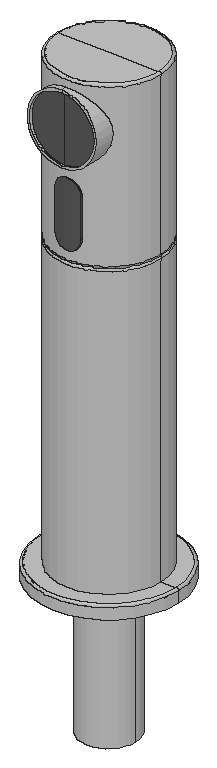
Revit family "Plumbing-Fix_Faucet-Touchless_Stern_Tubular-T", category Plumbing Fixtures, host Face, Revit 2024
Family settings
  Host = Face
  Round Connector Dimension = Use Diameter
  Part Type = Normal
  OmniClass Number = 23.45.55.14
  OmniClass Title = Single Faucets
  Enable Cutting in Views = No
  Cut with Voids When Loaded = No
  Maintain Annotation Orientation = No
  Shared = No
  Room Calculation Point = No
Parameters (values of type "Battery Pack 1.58 GPM")
  Waste Connection = no
  Warranty Duration (Years) = 2
  WFU = 0
  Vent Connection = no
  Unit Width = 0' - 2"
  Unit Height = 0' - 0"
  URL = "http://www.sternfaucets.com/"
  Type Comments = "as Specified"
  Standards Conformance = "as Specified"
  Spout Reach = 0' - 0"
  Spout Height = 0' - 2 1/4"
  Specification = ""
  SpecWizard = ""
  Sales Information = "http://www.sternfaucets.com/contact-us/contact-us-int-l.html"
  Revision = "R1_2018-04"
  Product Properties = ""
  Product Features = "as Specified"
  Product Data = "http://www.arcat.com/arcatcos/cos50/arc50092.html"
  Power Supply = "9V Battery"
  Piping_Inlet Diameter = 1/2"
  Piping_Flow = 0 GPM
  Operating Temperature Range = "Up to 149 F / 65 C"
  Operating Pressure Range = "7.26 - 116 PSI  ;  0.5 - 8 bar"
  Model = "Tubular TB"
  Manufacturer Website = "http://www.sternfaucets.com/"
  Manufacturer Phone - Toll Free = "800-436-4410"
  Manufacturer Phone = ""
  Manufacturer Fax = ""
  Manufacturer Address = "777 Passaic Ave.  Clifton, NJ 07012"
  Manufacturer = "Stern Engineering"
  Maintenance Schedule (Months) = 0
  Keynote = "22 40 00"
  Installation Phase = ""
  HWFU = 1
  HW Connection = yes
  Green Building-LEED = ""
  Fixture Finish [instance] = Finish - Stern - Chrome
  Expected Lifespan (Years) = 0
  Drawn By = "Sumex Design, Inc. / Robert S. Weygant, CSI, CDT, SCIP"
  Description = "Stern Touchless Wall Mounted Faucet - Tubular TB as Specified"
  Default Elevation = 0' - 0"
  Cost = 0
  Copyright = "©Arcat Inc."
  Construction Details = ""
  CWFU = 1
  CW Connection = yes
  Body Construction = ""
  Available Options = "as Specified"
  Assembly Code = "D2010300"
  Accent Color [instance] = Finish - Stern - Black
Types (10): name | Power Supply | Model | Description
  Battery Pack 1.58 GPM | "9V Battery" | "Tubular TB" | "Stern Touchless Wall Mounted Faucet - Tubular TB as Specified"
  Battery Pack 1 GPM | "9V Battery" | "Tubular TB" | "Stern Touchless Wall Mounted Faucet - Tubular TB as Specified"
  Battery Pack 0.8 GPM | "9V Battery" | "Tubular TB" | "Stern Touchless Wall Mounted Faucet - Tubular TB as Specified"
  Battery Pack 0.5 GPM | "9V Battery" | "Tubular TB" | "Stern Touchless Wall Mounted Faucet - Tubular TB as Specified"
  Battery Pack 0.35 GPM | "9V Battery" | "Tubular TB" | "Stern Touchless Wall Mounted Faucet - Tubular TB as Specified"
  Transformer 1.58 GPM | "9V Transformer" | "Tubular TE" | "Stern Touchless Wall Mounted Faucet - Tubular TE as Specified"
  Transformer 1 GPM | "9V Transformer" | "Tubular TE" | "Stern Touchless Wall Mounted Faucet - Tubular TE as Specified"
  Transformer 0.8 GPM | "9V Transformer" | "Tubular TE" | "Stern Touchless Wall Mounted Faucet - Tubular TE as Specified"
  Transformer 0.5 GPM | "9V Transformer" | "Tubular TE" | "Stern Touchless Wall Mounted Faucet - Tubular TE as Specified"
  Transformer 0.35 GPM | "9V Transformer" | "Tubular TE" | "Stern Touchless Wall Mounted Faucet - Tubular TE as Specified"
Reference planes (in)
  plane 1 "Center (Front/Back)": y = 0
  plane 2: z = 0
  plane 3 "Center (Left/Right)": x = 0
  plane 4: z = 6.125
Forms (in)
  Extrusion 1, solid, material "Finish - Stern - Black" <- "Accent Color"
    sketch origin (0, 0, -1.90625) x (1, 0, 0) y (0, 0, 1)
      loop
        line (-0.1875, 7.1875) -> (-0.1875, 6.625)
        arc (-0.1875, 6.625) -> (0, 6.4375) -> (0.1875, 6.625) r 0.1875
        line (0.1875, 6.625) -> (0.1875, 7.1875)
        arc (0.1875, 7.1875) -> (0, 7.375) -> (-0.1875, 7.1875) r 0.1875
    from 0 to 0.89907
  Extrusion 2, solid, material "Finish - Stern - Chrome" <- "Fixture Finish"
    sketch origin (0, 0, 0) x (1, 0, 0) y (0, 1, 0)
      loop
        circle (0, 0) r 0.39132
    from 0 to -2
  Revolve 3, solid, material "Finish - Stern - Chrome" <- "Fixture Finish"
    sketch origin (0, 0, 0) x (1, 0, 0) y (0, 0, 1)
      loop
        line (0, 0) -> (0, 6.75) -> (-0.71875, 6.75)
        arc (-0.71875, 6.75) -> (-0.74085, 6.74085) -> (-0.75, 6.71875) r 0.03125
        line (-0.75, 6.71875) -> (-0.75, 4.40625)
        arc (-0.75, 4.40625) -> (-0.74085, 4.38415) -> (-0.71875, 4.375) r 0.03125
        arc (-0.71875, 4.375) -> (-0.74085, 4.36585) -> (-0.75, 4.34375) r 0.03125
        line (-0.75, 4.34375) -> (-0.75, 0.1875) -> (-0.96875, 0.1875)
        arc (-0.96875, 0.1875) -> (-0.99085, 0.17835) -> (-1, 0.15625) r 0.03125
        line (-1, 0.15625) -> (-1, 0) -> (0, 0)
      axis (0, 6.75) -> (0, 0)
    angle from 0 to 360
  Revolve 4, solid, material "Finish - Stern - Chrome" <- "Fixture Finish"
    sketch origin (0, 0.14844, -2.875) x (0, 1, 0) y (0, 0, 1)
      loop
        line (-0.53976, 9) -> (-0.53976, 9.5) -> (-0.98763, 9.5) -> (-0.98763, 9.46875) -> (-0.95638, 9.46875) -> (-0.95638, 9) -> (-0.53976, 9)
      axis (-0.98763, 9) -> (-0.53976, 9)
    angle from 0 to 360
  Extrusion 5, void
    sketch origin (0, 0, 0) x (1, 0, 0) y (0, 1, 0)
      loop
        arc (0.22715, -0.72406) -> (-0.00447, -0.7578) -> (-0.23569, -0.72141) r 0.78125
        line (-0.23569, -0.72141) -> (-0.23569, -0.92096) -> (0.22715, -0.92096) -> (0.22715, -0.72406)
    from 4.375 to 5.61756
Cuts and joins
  Extrusion 5 cuts Extrusion 1
Dimensions and locks (in)
  aligned and locked: plane 2 to host face
  aligned and locked: level to host face
Connectors (in)
  piping at (0, 0, -2), diameter 0.5, driven by "Piping_Flow", driven by "Piping_Inlet Diameter"
    settings: on Extrusion 2, index 2, connector inside diameter 24", connector length 0' - 0", flow factor 0, pipe flow 0 GPM, pressure drop 0.00 psi, fitting loss kfactor 0, connector angle 0.00°, fixture units 0, engagement length 0' - 0", angle of deflection 0.00°, flow configuration 0, flow direction 1, fitting loss method 0, system type 22, joint type 0, gender type 0, connector reference index -1, connector utility 0, adjustable connector no, is connector primary yes, connector description "Tempered Inlet"
  electrical at (0, 0, 0)
    settings: on Revolve 3, index 3, voltage 0 V, apparent load 0 VA, apparent load phase1 0 VA, apparent load phase2 0 VA, apparent load phase3 0 VA, power factor 1, load classification "Other", number of poles 1, system type 13, power factor state 1, is connector primary yes, connector utility no, sub classification motor no, connector description ""
